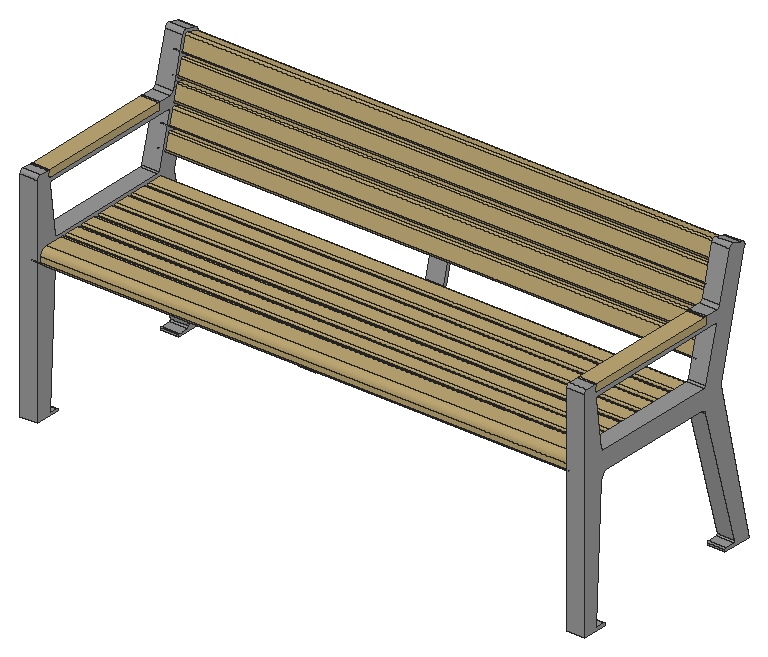
Revit family "L-FUR_벤치_DWB-200_데오스웍스", category 일반 모델, Revit 2021
Family settings
  보강 철근 호스트 가능 = 아니오
  원형 커넥터 치수 = 지름 사용
  부품 유형 = 보통
  작업 기준면 기반 = 아니오
  항상 수직 = 예
  로드될 때 보이드를 사용하여 절단 = 아니오
  공유 = 아니오
  룸 계산 점 = 아니오
Parameters
  한국산업규격KS = ""
  조달청표준공사코드-세부공종 = "24084151"
  기본 입면도 = 0 mm
  건설정보분류체계-부위분류 = "E943"
  LIM_INFO_주의사항 = "재배포, 재가공, 판매 금지"
  LIM_INFO_제품업체 = "예건"
  LIM_INFO_제품번호 = "YF-16"
  LIM_INFO_제품명 = "펜스_YF-16"
  LIM_INFO_제작일 = "20230315"
  LIM_INFO_재료 = "Hardwood, STL-pipe, STL-plate"
  LIM_INFO_업체정보 = ""
  LIM_INFO_업체URL = "https://yekun.com/"
  LIM_INFO_업체TEL = "(+82)31-943-6114"
  LIM_INFO_업체EMAIL = "yekun@yekun.com"
  LIM_INFO_버전 = "2023_V01"
  LIM_INFO_기타정보 = ""
  LIM_INFO_규격 = "W2000 x H1800"
  LIM_INFO_가격 = 0
  LIM_INFO_PV_포장재여부 = yes
  LIM_INFO_PV_면적 = 0.00 m²
  KBIMS_식별-버전 = ""
  KBIMS_식별-bSK등록번호 = ""
  KBIMS_보급정보-저작자 = "림인포테크_MMJ"
  KBIMS_보급정보-보급코드 = ""
Reference planes
  plane 1 "중심(앞/뒤)": y = 0
  plane 2: z = 0
  plane 3 "중심(왼쪽/오른쪽)": x = 0
Dimensions and locks
  aligned and locked: level to plane 2
Nested families
  nested 1: "DWB-200_base" at (0, 0, 0), type "DWB-200_base"
Definition of nested family "DWB-200_base"
  Parameters (values of type "DWB-200_base")
    Default Elevation = 0 mm
  Reference planes
    plane 1 "중심(앞/뒤)": y = 0
    plane 2: z = 0
    plane 3 "중심(왼쪽/오른쪽)": x = 0
  Forms (mm)
    Sweep 1, solid, not visible, detail levels fine
      path origin (0, 0, 0) x (1, 0, 0) y (0, 1, 0)
        loop
          circle (-1867.879, -167.062) r 568.25
      profile origin (-1867.879, 401.188, 0) x (0, -1, 0) y (0, 0, 1)
        loop
          circle (0, 0) r 28.75
        loop
          circle (0, 0) r 30.25
    Sweep 2, solid, not visible, detail levels coarse+medium
      path origin (0, 0, 0) x (1, 0, 0) y (0, 1, 0)
        loop
          circle (-1867.879, -167.062) r 568.25
      profile origin (-1867.879, 401.188, 0) x (0, -1, 0) y (0, 0, 1)
        loop
          line (26.465, -11.234) -> (26.657, 10.77) -> (11.234, 26.465) -> (-10.77, 26.657) -> (-26.465, 11.234) -> (-26.657, -10.77) -> (-11.234, -26.465) -> (10.77, -26.657) -> (26.465, -11.234)
        loop
          line (28.047, 11.332) -> (11.82, 27.845) -> (-11.332, 28.047) -> (-27.845, 11.82) -> (-28.047, -11.332) -> (-11.82, -27.845) -> (11.332, -28.047) -> (27.845, -11.82) -> (28.047, 11.332)
    Sweep 3, solid, not visible, detail levels fine
      path origin (0, 0, -1310.25) x (1, 0, 0) y (0, 1, 0)
        loop
          circle (-1867.879, -167.062) r 568.25
      profile origin (-1867.879, 401.188, -1310.25) x (0, -1, 0) y (0, 0, 1)
        loop
          circle (0, 1310.25) r 28.75
        loop
          circle (0, 1310.25) r 30.25
    Sweep 4, solid, not visible, detail levels coarse+medium
      path origin (0, 0, -1310.25) x (1, 0, 0) y (0, 1, 0)
        loop
          circle (-1867.879, -167.062) r 568.25
      profile origin (-1867.879, 401.188, -1310.25) x (0, -1, 0) y (0, 0, 1)
        loop
          line (26.465, 1299.016) -> (26.657, 1321.02) -> (11.234, 1336.715) -> (-10.77, 1336.907) -> (-26.465, 1321.484) -> (-26.657, 1299.48) -> (-11.234, 1283.785) -> (10.77, 1283.593) -> (26.465, 1299.016)
        loop
          line (28.047, 1321.582) -> (11.82, 1338.095) -> (-11.332, 1338.297) -> (-27.845, 1322.07) -> (-28.047, 1298.918) -> (-11.82, 1282.405) -> (11.332, 1282.203) -> (27.845, 1298.43) -> (28.047, 1321.582)
    Extrusion 5, solid, not visible
      sketch origin (0, 0, 0) x (1, 0, 0) y (0, 1, 0)
        loop
          line (-1678.243, -2480.024) -> (-1613.986, -2453.408)
          arc (-1613.986, -2453.408) -> (-1612.495, -2452.007) -> (-1612.304, -2449.969) r 2.893
          line (-1612.304, -2449.969) -> (-1622.315, -2413.562) -> (-1700.528, -2445.959) -> (-1681.864, -2478.781)
          arc (-1681.864, -2478.781) -> (-1680.288, -2480.087) -> (-1678.243, -2480.024) r 2.893
        loop
          line (-1517.968, -2394.568) -> (-1465.081, -2349.398)
          arc (-1465.081, -2349.398) -> (-1464.096, -2347.605) -> (-1464.544, -2345.608) r 2.893
          line (-1464.544, -2345.608) -> (-1485.315, -2314.077) -> (-1549.689, -2369.057) -> (-1521.796, -2394.505)
          arc (-1521.796, -2394.505) -> (-1519.893, -2395.26) -> (-1517.968, -2394.568) r 2.893
        loop
          line (-1391.945, -2263.766) -> (-1355.605, -2204.465)
          arc (-1355.605, -2204.465) -> (-1355.222, -2202.454) -> (-1356.265, -2200.694) r 2.893
          line (-1356.265, -2200.694) -> (-1385.763, -2177.125) -> (-1429.997, -2249.307) -> (-1395.605, -2264.89)
          arc (-1395.605, -2264.89) -> (-1393.562, -2265.02) -> (-1391.945, -2263.766) r 2.893
        loop
          line (-1312.509, -2100.424) -> (-1296.273, -2032.795)
          arc (-1296.273, -2032.795) -> (-1296.53, -2030.765) -> (-1298.067, -2029.413) r 2.893
          line (-1298.067, -2029.413) -> (-1333.404, -2016.112) -> (-1353.167, -2098.431) -> (-1315.643, -2102.623)
          arc (-1315.643, -2102.623) -> (-1313.66, -2102.116) -> (-1312.509, -2100.424) r 2.893
        loop
          line (-1287.437, -1920.529) -> (-1292.894, -1851.193)
          arc (-1292.894, -1851.193) -> (-1293.766, -1849.341) -> (-1295.645, -1848.53) r 2.893
          line (-1295.645, -1848.53) -> (-1333.364, -1846.801) -> (-1326.722, -1931.197) -> (-1289.738, -1923.589)
          arc (-1289.738, -1923.589) -> (-1288.009, -1922.494) -> (-1287.437, -1920.529) r 2.893
        loop
          line (-1319.183, -1741.691) -> (-1345.799, -1677.435)
          arc (-1345.799, -1677.435) -> (-1347.201, -1675.943) -> (-1349.238, -1675.753) r 2.893
          line (-1349.238, -1675.753) -> (-1385.645, -1685.763) -> (-1353.248, -1763.977) -> (-1320.426, -1745.312)
          arc (-1320.426, -1745.312) -> (-1319.12, -1743.736) -> (-1319.183, -1741.691) r 2.893
        loop
          line (-1404.64, -1581.416) -> (-1449.809, -1528.529)
          arc (-1449.809, -1528.529) -> (-1451.603, -1527.544) -> (-1453.6, -1527.992) r 2.893
          line (-1453.6, -1527.992) -> (-1485.131, -1548.764) -> (-1430.15, -1613.138) -> (-1404.702, -1585.244)
          arc (-1404.702, -1585.244) -> (-1403.947, -1583.342) -> (-1404.64, -1581.416) r 2.893
        loop
          line (-1535.441, -1455.393) -> (-1594.742, -1419.053)
          arc (-1594.742, -1419.053) -> (-1596.753, -1418.67) -> (-1598.513, -1419.714) r 2.893
          line (-1598.513, -1419.714) -> (-1622.083, -1449.212) -> (-1549.9, -1493.445) -> (-1534.317, -1459.053)
          arc (-1534.317, -1459.053) -> (-1534.187, -1457.01) -> (-1535.441, -1455.393) r 2.893
        loop
          line (-1698.784, -1375.958) -> (-1766.412, -1359.721)
          arc (-1766.412, -1359.721) -> (-1768.443, -1359.978) -> (-1769.795, -1361.515) r 2.893
          line (-1769.795, -1361.515) -> (-1783.095, -1396.853) -> (-1700.777, -1416.616) -> (-1696.584, -1379.091)
          arc (-1696.584, -1379.091) -> (-1697.091, -1377.108) -> (-1698.784, -1375.958) r 2.893
        loop
          line (-1878.679, -1350.886) -> (-1948.015, -1356.343)
          arc (-1948.015, -1356.343) -> (-1949.866, -1357.215) -> (-1950.677, -1359.094) r 2.893
          line (-1950.677, -1359.094) -> (-1952.406, -1396.812) -> (-1868.01, -1390.17) -> (-1875.618, -1353.187)
          arc (-1875.618, -1353.187) -> (-1876.713, -1351.457) -> (-1878.679, -1350.886) r 2.893
        loop
          line (-2057.516, -1382.632) -> (-2121.773, -1409.247)
          arc (-2121.773, -1409.247) -> (-2123.264, -1410.649) -> (-2123.455, -1412.687) r 2.893
          line (-2123.455, -1412.687) -> (-2113.444, -1449.093) -> (-2035.231, -1416.696) -> (-2053.895, -1383.874)
          arc (-2053.895, -1383.874) -> (-2055.471, -1382.568) -> (-2057.516, -1382.632) r 2.893
        loop
          line (-2217.791, -1468.088) -> (-2270.678, -1513.257)
          arc (-2270.678, -1513.257) -> (-2271.663, -1515.051) -> (-2271.215, -1517.048) r 2.893
          line (-2271.215, -1517.048) -> (-2250.444, -1548.579) -> (-2186.07, -1493.598) -> (-2213.963, -1468.15)
          arc (-2213.963, -1468.15) -> (-2215.865, -1467.395) -> (-2217.791, -1468.088) r 2.893
        loop
          line (-2343.814, -1598.889) -> (-2380.154, -1658.191)
          arc (-2380.154, -1658.191) -> (-2380.537, -1660.201) -> (-2379.494, -1661.962) r 2.893
          line (-2379.494, -1661.962) -> (-2349.996, -1685.531) -> (-2305.762, -1613.349) -> (-2340.154, -1597.766)
          arc (-2340.154, -1597.766) -> (-2342.197, -1597.635) -> (-2343.814, -1598.889) r 2.893
        loop
          line (-2437.692, -1833.243) -> (-2402.355, -1846.543) -> (-2382.592, -1764.225) -> (-2420.116, -1760.032)
          arc (-2420.116, -1760.032) -> (-2422.099, -1760.539) -> (-2423.25, -1762.232) r 2.893
          line (-2423.25, -1762.232) -> (-2439.486, -1829.861)
          arc (-2439.486, -1829.861) -> (-2439.229, -1831.891) -> (-2437.692, -1833.243) r 2.893
        loop
          line (-2440.113, -2014.125) -> (-2402.395, -2015.855) -> (-2409.037, -1931.458) -> (-2446.021, -1939.067)
          arc (-2446.021, -1939.067) -> (-2447.75, -1940.162) -> (-2448.322, -1942.127) r 2.893
          line (-2448.322, -1942.127) -> (-2442.865, -2011.463)
          arc (-2442.865, -2011.463) -> (-2441.993, -2013.314) -> (-2440.113, -2014.125) r 2.893
        loop
          line (-2386.521, -2186.903) -> (-2350.114, -2176.892) -> (-2382.511, -2098.679) -> (-2415.333, -2117.343)
          arc (-2415.333, -2117.343) -> (-2416.639, -2118.919) -> (-2416.576, -2120.965) r 2.893
          line (-2416.576, -2120.965) -> (-2389.96, -2185.221)
          arc (-2389.96, -2185.221) -> (-2388.558, -2186.712) -> (-2386.521, -2186.903) r 2.893
        loop
          line (-2282.159, -2334.663) -> (-2250.628, -2313.892) -> (-2305.609, -2249.518) -> (-2331.057, -2277.412)
          arc (-2331.057, -2277.412) -> (-2331.812, -2279.314) -> (-2331.119, -2281.24) r 2.893
          line (-2331.119, -2281.24) -> (-2285.95, -2334.126)
          arc (-2285.95, -2334.126) -> (-2284.156, -2335.112) -> (-2282.159, -2334.663) r 2.893
        loop
          line (-2137.246, -2442.942) -> (-2113.676, -2413.444) -> (-2185.859, -2369.21) -> (-2201.441, -2403.603)
          arc (-2201.441, -2403.603) -> (-2201.572, -2405.645) -> (-2200.318, -2407.263) r 2.893
          line (-2200.318, -2407.263) -> (-2141.017, -2443.603)
          arc (-2141.017, -2443.603) -> (-2139.006, -2443.986) -> (-2137.246, -2442.942) r 2.893
        loop
          line (-1965.964, -2501.141) -> (-1952.664, -2465.803) -> (-2034.982, -2446.04) -> (-2039.175, -2483.564)
          arc (-2039.175, -2483.564) -> (-2038.668, -2485.547) -> (-2036.975, -2486.698) r 2.893
          line (-2036.975, -2486.698) -> (-1969.347, -2502.934)
          arc (-1969.347, -2502.934) -> (-1967.316, -2502.677) -> (-1965.964, -2501.141) r 2.893
        loop
          line (-1785.082, -2503.562) -> (-1783.353, -2465.844) -> (-1867.749, -2472.486) -> (-1860.141, -2509.469)
          arc (-1860.141, -2509.469) -> (-1859.046, -2511.198) -> (-1857.08, -2511.77) r 2.893
          line (-1857.08, -2511.77) -> (-1787.744, -2506.313)
          arc (-1787.744, -2506.313) -> (-1785.893, -2505.441) -> (-1785.082, -2503.562) r 2.893
      from 0 to 680
    Extrusion 6, solid, not visible
      sketch origin (-326.184, 269.167, 0) x (0.987613, 0.156911, 0) y (-0.156911, 0.987613, 0)
        loop
          line (-1678.243, -2480.024) -> (-1613.986, -2453.408)
          arc (-1613.986, -2453.408) -> (-1612.495, -2452.007) -> (-1612.304, -2449.969) r 2.893
          line (-1612.304, -2449.969) -> (-1622.315, -2413.562) -> (-1700.528, -2445.959) -> (-1681.864, -2478.781)
          arc (-1681.864, -2478.781) -> (-1680.288, -2480.087) -> (-1678.243, -2480.024) r 2.893
        loop
          line (-1517.968, -2394.568) -> (-1465.081, -2349.398)
          arc (-1465.081, -2349.398) -> (-1464.096, -2347.605) -> (-1464.544, -2345.608) r 2.893
          line (-1464.544, -2345.608) -> (-1485.315, -2314.077) -> (-1549.689, -2369.057) -> (-1521.796, -2394.505)
          arc (-1521.796, -2394.505) -> (-1519.893, -2395.26) -> (-1517.968, -2394.568) r 2.893
        loop
          line (-1391.945, -2263.766) -> (-1355.605, -2204.465)
          arc (-1355.605, -2204.465) -> (-1355.222, -2202.454) -> (-1356.265, -2200.694) r 2.893
          line (-1356.265, -2200.694) -> (-1385.763, -2177.125) -> (-1429.997, -2249.307) -> (-1395.605, -2264.89)
          arc (-1395.605, -2264.89) -> (-1393.562, -2265.02) -> (-1391.945, -2263.766) r 2.893
        loop
          line (-1312.509, -2100.424) -> (-1296.273, -2032.795)
          arc (-1296.273, -2032.795) -> (-1296.53, -2030.765) -> (-1298.067, -2029.413) r 2.893
          line (-1298.067, -2029.413) -> (-1333.404, -2016.112) -> (-1353.167, -2098.431) -> (-1315.643, -2102.623)
          arc (-1315.643, -2102.623) -> (-1313.66, -2102.116) -> (-1312.509, -2100.424) r 2.893
        loop
          line (-1287.437, -1920.529) -> (-1292.894, -1851.193)
          arc (-1292.894, -1851.193) -> (-1293.766, -1849.341) -> (-1295.645, -1848.53) r 2.893
          line (-1295.645, -1848.53) -> (-1333.364, -1846.801) -> (-1326.722, -1931.197) -> (-1289.738, -1923.589)
          arc (-1289.738, -1923.589) -> (-1288.009, -1922.494) -> (-1287.437, -1920.529) r 2.893
        loop
          line (-1319.183, -1741.691) -> (-1345.799, -1677.435)
          arc (-1345.799, -1677.435) -> (-1347.201, -1675.943) -> (-1349.238, -1675.753) r 2.893
          line (-1349.238, -1675.753) -> (-1385.645, -1685.763) -> (-1353.248, -1763.977) -> (-1320.426, -1745.312)
          arc (-1320.426, -1745.312) -> (-1319.12, -1743.736) -> (-1319.183, -1741.691) r 2.893
        loop
          line (-1404.64, -1581.416) -> (-1449.809, -1528.529)
          arc (-1449.809, -1528.529) -> (-1451.603, -1527.544) -> (-1453.6, -1527.992) r 2.893
          line (-1453.6, -1527.992) -> (-1485.131, -1548.764) -> (-1430.15, -1613.138) -> (-1404.702, -1585.244)
          arc (-1404.702, -1585.244) -> (-1403.947, -1583.342) -> (-1404.64, -1581.416) r 2.893
        loop
          line (-1535.441, -1455.393) -> (-1594.742, -1419.053)
          arc (-1594.742, -1419.053) -> (-1596.753, -1418.67) -> (-1598.513, -1419.714) r 2.893
          line (-1598.513, -1419.714) -> (-1622.083, -1449.212) -> (-1549.9, -1493.445) -> (-1534.317, -1459.053)
          arc (-1534.317, -1459.053) -> (-1534.187, -1457.01) -> (-1535.441, -1455.393) r 2.893
        loop
          line (-1698.784, -1375.958) -> (-1766.412, -1359.721)
          arc (-1766.412, -1359.721) -> (-1768.443, -1359.978) -> (-1769.795, -1361.515) r 2.893
          line (-1769.795, -1361.515) -> (-1783.095, -1396.853) -> (-1700.777, -1416.616) -> (-1696.584, -1379.091)
          arc (-1696.584, -1379.091) -> (-1697.091, -1377.108) -> (-1698.784, -1375.958) r 2.893
        loop
          line (-1878.679, -1350.886) -> (-1948.015, -1356.343)
          arc (-1948.015, -1356.343) -> (-1949.866, -1357.215) -> (-1950.677, -1359.094) r 2.893
          line (-1950.677, -1359.094) -> (-1952.406, -1396.812) -> (-1868.01, -1390.17) -> (-1875.618, -1353.187)
          arc (-1875.618, -1353.187) -> (-1876.713, -1351.457) -> (-1878.679, -1350.886) r 2.893
        loop
          line (-2057.516, -1382.632) -> (-2121.773, -1409.247)
          arc (-2121.773, -1409.247) -> (-2123.264, -1410.649) -> (-2123.455, -1412.687) r 2.893
          line (-2123.455, -1412.687) -> (-2113.444, -1449.093) -> (-2035.231, -1416.696) -> (-2053.895, -1383.874)
          arc (-2053.895, -1383.874) -> (-2055.471, -1382.568) -> (-2057.516, -1382.632) r 2.893
        loop
          line (-2217.791, -1468.088) -> (-2270.678, -1513.257)
          arc (-2270.678, -1513.257) -> (-2271.663, -1515.051) -> (-2271.215, -1517.048) r 2.893
          line (-2271.215, -1517.048) -> (-2250.444, -1548.579) -> (-2186.07, -1493.598) -> (-2213.963, -1468.15)
          arc (-2213.963, -1468.15) -> (-2215.865, -1467.395) -> (-2217.791, -1468.088) r 2.893
        loop
          line (-2343.814, -1598.889) -> (-2380.154, -1658.191)
          arc (-2380.154, -1658.191) -> (-2380.537, -1660.201) -> (-2379.494, -1661.962) r 2.893
          line (-2379.494, -1661.962) -> (-2349.996, -1685.531) -> (-2305.762, -1613.349) -> (-2340.154, -1597.766)
          arc (-2340.154, -1597.766) -> (-2342.197, -1597.635) -> (-2343.814, -1598.889) r 2.893
        loop
          line (-2437.692, -1833.243) -> (-2402.355, -1846.543) -> (-2382.592, -1764.225) -> (-2420.116, -1760.032)
          arc (-2420.116, -1760.032) -> (-2422.099, -1760.539) -> (-2423.25, -1762.232) r 2.893
          line (-2423.25, -1762.232) -> (-2439.486, -1829.861)
          arc (-2439.486, -1829.861) -> (-2439.229, -1831.891) -> (-2437.692, -1833.243) r 2.893
        loop
          line (-2440.113, -2014.125) -> (-2402.395, -2015.855) -> (-2409.037, -1931.458) -> (-2446.021, -1939.067)
          arc (-2446.021, -1939.067) -> (-2447.75, -1940.162) -> (-2448.322, -1942.127) r 2.893
          line (-2448.322, -1942.127) -> (-2442.865, -2011.463)
          arc (-2442.865, -2011.463) -> (-2441.993, -2013.314) -> (-2440.113, -2014.125) r 2.893
        loop
          line (-2386.521, -2186.903) -> (-2350.114, -2176.892) -> (-2382.511, -2098.679) -> (-2415.333, -2117.343)
          arc (-2415.333, -2117.343) -> (-2416.639, -2118.919) -> (-2416.576, -2120.965) r 2.893
          line (-2416.576, -2120.965) -> (-2389.96, -2185.221)
          arc (-2389.96, -2185.221) -> (-2388.558, -2186.712) -> (-2386.521, -2186.903) r 2.893
        loop
          line (-2282.159, -2334.663) -> (-2250.628, -2313.892) -> (-2305.609, -2249.518) -> (-2331.057, -2277.412)
          arc (-2331.057, -2277.412) -> (-2331.812, -2279.314) -> (-2331.119, -2281.24) r 2.893
          line (-2331.119, -2281.24) -> (-2285.95, -2334.126)
          arc (-2285.95, -2334.126) -> (-2284.156, -2335.112) -> (-2282.159, -2334.663) r 2.893
        loop
          line (-2137.246, -2442.942) -> (-2113.676, -2413.444) -> (-2185.859, -2369.21) -> (-2201.441, -2403.603)
          arc (-2201.441, -2403.603) -> (-2201.572, -2405.645) -> (-2200.318, -2407.263) r 2.893
          line (-2200.318, -2407.263) -> (-2141.017, -2443.603)
          arc (-2141.017, -2443.603) -> (-2139.006, -2443.986) -> (-2137.246, -2442.942) r 2.893
        loop
          line (-1965.964, -2501.141) -> (-1952.664, -2465.803) -> (-2034.982, -2446.04) -> (-2039.175, -2483.564)
          arc (-2039.175, -2483.564) -> (-2038.668, -2485.547) -> (-2036.975, -2486.698) r 2.893
          line (-2036.975, -2486.698) -> (-1969.347, -2502.934)
          arc (-1969.347, -2502.934) -> (-1967.316, -2502.677) -> (-1965.964, -2501.141) r 2.893
        loop
          line (-1785.082, -2503.562) -> (-1783.353, -2465.844) -> (-1867.749, -2472.486) -> (-1860.141, -2509.469)
          arc (-1860.141, -2509.469) -> (-1859.046, -2511.198) -> (-1857.08, -2511.77) r 2.893
          line (-1857.08, -2511.77) -> (-1787.744, -2506.313)
          arc (-1787.744, -2506.313) -> (-1785.893, -2505.441) -> (-1785.082, -2503.562) r 2.893
      from 0 to 680
    Extrusion 7, solid, not visible
      sketch origin (0, 0, 0) x (1, 0, 0) y (0, 1, 0)
        loop
          circle (-1867.879, -1931.328) r 537.5
        loop
          circle (-1867.879, -1931.328) r 539.5
      from 0 to 794.31
    Sweep 8, solid, not visible, detail levels fine
      path origin (0, -1764.266, -542.405) x (1, 0, 0) y (0, 1, 0)
        loop
          circle (-1867.879, -167.062) r 568.25
      profile origin (-1867.879, -1363.078, -542.405) x (0, -1, 0) y (0, 0, 1)
        loop
          circle (0, 1310.25) r 28.75
        loop
          circle (0, 1310.25) r 30.25
    Sweep 9, solid, not visible, detail levels coarse+medium
      path origin (0, -1764.266, -542.405) x (1, 0, 0) y (0, 1, 0)
        loop
          circle (-1867.879, -167.062) r 568.25
      profile origin (-1867.879, -1363.078, -542.405) x (0, -1, 0) y (0, 0, 1)
        loop
          line (26.465, 1299.016) -> (26.657, 1321.02) -> (11.234, 1336.715) -> (-10.77, 1336.907) -> (-26.465, 1321.484) -> (-26.657, 1299.48) -> (-11.234, 1283.785) -> (10.77, 1283.593) -> (26.465, 1299.016)
        loop
          line (28.047, 1321.582) -> (11.82, 1338.095) -> (-11.332, 1338.297) -> (-27.845, 1322.07) -> (-28.047, 1298.918) -> (-11.82, 1282.405) -> (11.332, 1282.203) -> (27.845, 1298.43) -> (28.047, 1321.582)
    Sweep 10, solid, not visible, detail levels fine
      path origin (0, -1764.266, -1278.297) x (1, 0, 0) y (0, 1, 0)
        loop
          circle (-1867.879, -167.062) r 568.25
      profile origin (-1867.879, -1363.078, -1278.297) x (0, -1, 0) y (0, 0, 1)
        loop
          circle (0, 1310.25) r 28.75
        loop
          circle (0, 1310.25) r 30.25
    Sweep 11, solid, not visible, detail levels coarse+medium
      path origin (0, -1764.266, -1278.297) x (1, 0, 0) y (0, 1, 0)
        loop
          circle (-1867.879, -167.062) r 568.25
      profile origin (-1867.879, -1363.078, -1278.297) x (0, -1, 0) y (0, 0, 1)
        loop
          line (26.465, 1299.016) -> (26.657, 1321.02) -> (11.234, 1336.715) -> (-10.77, 1336.907) -> (-26.465, 1321.484) -> (-26.657, 1299.48) -> (-11.234, 1283.785) -> (10.77, 1283.593) -> (26.465, 1299.016)
        loop
          line (28.047, 1321.582) -> (11.82, 1338.095) -> (-11.332, 1338.297) -> (-27.845, 1322.07) -> (-28.047, 1298.918) -> (-11.82, 1282.405) -> (11.332, 1282.203) -> (27.845, 1298.43) -> (28.047, 1321.582)
    Extrusion 12, solid, not visible
      sketch origin (0, 0, 60) x (1, 0, 0) y (0, 1, 0)
        loop
          line (-1678.243, -2480.024) -> (-1613.986, -2453.408)
          arc (-1613.986, -2453.408) -> (-1612.495, -2452.007) -> (-1612.304, -2449.969) r 2.893
          line (-1612.304, -2449.969) -> (-1622.315, -2413.562) -> (-1700.528, -2445.959) -> (-1681.864, -2478.781)
          arc (-1681.864, -2478.781) -> (-1680.288, -2480.087) -> (-1678.243, -2480.024) r 2.893
        loop
          line (-1517.968, -2394.568) -> (-1465.081, -2349.398)
          arc (-1465.081, -2349.398) -> (-1464.096, -2347.605) -> (-1464.544, -2345.608) r 2.893
          line (-1464.544, -2345.608) -> (-1485.315, -2314.077) -> (-1549.689, -2369.057) -> (-1521.796, -2394.505)
          arc (-1521.796, -2394.505) -> (-1519.893, -2395.26) -> (-1517.968, -2394.568) r 2.893
        loop
          line (-1391.945, -2263.766) -> (-1355.605, -2204.465)
          arc (-1355.605, -2204.465) -> (-1355.222, -2202.454) -> (-1356.265, -2200.694) r 2.893
          line (-1356.265, -2200.694) -> (-1385.763, -2177.125) -> (-1429.997, -2249.307) -> (-1395.605, -2264.89)
          arc (-1395.605, -2264.89) -> (-1393.562, -2265.02) -> (-1391.945, -2263.766) r 2.893
        loop
          line (-1312.509, -2100.424) -> (-1296.273, -2032.795)
          arc (-1296.273, -2032.795) -> (-1296.53, -2030.765) -> (-1298.067, -2029.413) r 2.893
          line (-1298.067, -2029.413) -> (-1333.404, -2016.112) -> (-1353.167, -2098.431) -> (-1315.643, -2102.623)
          arc (-1315.643, -2102.623) -> (-1313.66, -2102.116) -> (-1312.509, -2100.424) r 2.893
        loop
          line (-1287.437, -1920.529) -> (-1292.894, -1851.193)
          arc (-1292.894, -1851.193) -> (-1293.766, -1849.341) -> (-1295.645, -1848.53) r 2.893
          line (-1295.645, -1848.53) -> (-1333.364, -1846.801) -> (-1326.722, -1931.197) -> (-1289.738, -1923.589)
          arc (-1289.738, -1923.589) -> (-1288.009, -1922.494) -> (-1287.437, -1920.529) r 2.893
        loop
          line (-1319.183, -1741.691) -> (-1345.799, -1677.435)
          arc (-1345.799, -1677.435) -> (-1347.201, -1675.943) -> (-1349.238, -1675.753) r 2.893
          line (-1349.238, -1675.753) -> (-1385.645, -1685.763) -> (-1353.248, -1763.977) -> (-1320.426, -1745.312)
          arc (-1320.426, -1745.312) -> (-1319.12, -1743.736) -> (-1319.183, -1741.691) r 2.893
        loop
          line (-1404.64, -1581.416) -> (-1449.809, -1528.529)
          arc (-1449.809, -1528.529) -> (-1451.603, -1527.544) -> (-1453.6, -1527.992) r 2.893
          line (-1453.6, -1527.992) -> (-1485.131, -1548.764) -> (-1430.15, -1613.138) -> (-1404.702, -1585.244)
          arc (-1404.702, -1585.244) -> (-1403.947, -1583.342) -> (-1404.64, -1581.416) r 2.893
        loop
          line (-1535.441, -1455.393) -> (-1594.742, -1419.053)
          arc (-1594.742, -1419.053) -> (-1596.753, -1418.67) -> (-1598.513, -1419.714) r 2.893
          line (-1598.513, -1419.714) -> (-1622.083, -1449.212) -> (-1549.9, -1493.445) -> (-1534.317, -1459.053)
          arc (-1534.317, -1459.053) -> (-1534.187, -1457.01) -> (-1535.441, -1455.393) r 2.893
        loop
          line (-1698.784, -1375.958) -> (-1766.412, -1359.721)
          arc (-1766.412, -1359.721) -> (-1768.443, -1359.978) -> (-1769.795, -1361.515) r 2.893
          line (-1769.795, -1361.515) -> (-1783.095, -1396.853) -> (-1700.777, -1416.616) -> (-1696.584, -1379.091)
          arc (-1696.584, -1379.091) -> (-1697.091, -1377.108) -> (-1698.784, -1375.958) r 2.893
        loop
          line (-1878.679, -1350.886) -> (-1948.015, -1356.343)
          arc (-1948.015, -1356.343) -> (-1949.866, -1357.215) -> (-1950.677, -1359.094) r 2.893
          line (-1950.677, -1359.094) -> (-1952.406, -1396.812) -> (-1868.01, -1390.17) -> (-1875.618, -1353.187)
          arc (-1875.618, -1353.187) -> (-1876.713, -1351.457) -> (-1878.679, -1350.886) r 2.893
        loop
          line (-2057.516, -1382.632) -> (-2121.773, -1409.247)
          arc (-2121.773, -1409.247) -> (-2123.264, -1410.649) -> (-2123.455, -1412.687) r 2.893
          line (-2123.455, -1412.687) -> (-2113.444, -1449.093) -> (-2035.231, -1416.696) -> (-2053.895, -1383.874)
          arc (-2053.895, -1383.874) -> (-2055.471, -1382.568) -> (-2057.516, -1382.632) r 2.893
        loop
          line (-2217.791, -1468.088) -> (-2270.678, -1513.257)
          arc (-2270.678, -1513.257) -> (-2271.663, -1515.051) -> (-2271.215, -1517.048) r 2.893
          line (-2271.215, -1517.048) -> (-2250.444, -1548.579) -> (-2186.07, -1493.598) -> (-2213.963, -1468.15)
          arc (-2213.963, -1468.15) -> (-2215.865, -1467.395) -> (-2217.791, -1468.088) r 2.893
        loop
          line (-2343.814, -1598.889) -> (-2380.154, -1658.191)
          arc (-2380.154, -1658.191) -> (-2380.537, -1660.201) -> (-2379.494, -1661.962) r 2.893
          line (-2379.494, -1661.962) -> (-2349.996, -1685.531) -> (-2305.762, -1613.349) -> (-2340.154, -1597.766)
          arc (-2340.154, -1597.766) -> (-2342.197, -1597.635) -> (-2343.814, -1598.889) r 2.893
        loop
          line (-2437.692, -1833.243) -> (-2402.355, -1846.543) -> (-2382.592, -1764.225) -> (-2420.116, -1760.032)
          arc (-2420.116, -1760.032) -> (-2422.099, -1760.539) -> (-2423.25, -1762.232) r 2.893
          line (-2423.25, -1762.232) -> (-2439.486, -1829.861)
          arc (-2439.486, -1829.861) -> (-2439.229, -1831.891) -> (-2437.692, -1833.243) r 2.893
        loop
          line (-2440.113, -2014.125) -> (-2402.395, -2015.855) -> (-2409.037, -1931.458) -> (-2446.021, -1939.067)
          arc (-2446.021, -1939.067) -> (-2447.75, -1940.162) -> (-2448.322, -1942.127) r 2.893
          line (-2448.322, -1942.127) -> (-2442.865, -2011.463)
          arc (-2442.865, -2011.463) -> (-2441.993, -2013.314) -> (-2440.113, -2014.125) r 2.893
        loop
          line (-2386.521, -2186.903) -> (-2350.114, -2176.892) -> (-2382.511, -2098.679) -> (-2415.333, -2117.343)
          arc (-2415.333, -2117.343) -> (-2416.639, -2118.919) -> (-2416.576, -2120.965) r 2.893
          line (-2416.576, -2120.965) -> (-2389.96, -2185.221)
          arc (-2389.96, -2185.221) -> (-2388.558, -2186.712) -> (-2386.521, -2186.903) r 2.893
        loop
          line (-2282.159, -2334.663) -> (-2250.628, -2313.892) -> (-2305.609, -2249.518) -> (-2331.057, -2277.412)
          arc (-2331.057, -2277.412) -> (-2331.812, -2279.314) -> (-2331.119, -2281.24) r 2.893
          line (-2331.119, -2281.24) -> (-2285.95, -2334.126)
          arc (-2285.95, -2334.126) -> (-2284.156, -2335.112) -> (-2282.159, -2334.663) r 2.893
        loop
          line (-2137.246, -2442.942) -> (-2113.676, -2413.444) -> (-2185.859, -2369.21) -> (-2201.441, -2403.603)
          arc (-2201.441, -2403.603) -> (-2201.572, -2405.645) -> (-2200.318, -2407.263) r 2.893
          line (-2200.318, -2407.263) -> (-2141.017, -2443.603)
          arc (-2141.017, -2443.603) -> (-2139.006, -2443.986) -> (-2137.246, -2442.942) r 2.893
        loop
          line (-1965.964, -2501.141) -> (-1952.664, -2465.803) -> (-2034.982, -2446.04) -> (-2039.175, -2483.564)
          arc (-2039.175, -2483.564) -> (-2038.668, -2485.547) -> (-2036.975, -2486.698) r 2.893
          line (-2036.975, -2486.698) -> (-1969.347, -2502.934)
          arc (-1969.347, -2502.934) -> (-1967.316, -2502.677) -> (-1965.964, -2501.141) r 2.893
        loop
          line (-1785.082, -2503.562) -> (-1783.353, -2465.844) -> (-1867.749, -2472.486) -> (-1860.141, -2509.469)
          arc (-1860.141, -2509.469) -> (-1859.046, -2511.198) -> (-1857.08, -2511.77) r 2.893
          line (-1857.08, -2511.77) -> (-1787.744, -2506.313)
          arc (-1787.744, -2506.313) -> (-1785.893, -2505.441) -> (-1785.082, -2503.562) r 2.893
      from 0 to 680
    Extrusion 13, solid, not visible
      sketch origin (-326.184, 269.167, 60) x (0.987613, 0.156911, 0) y (-0.156911, 0.987613, 0)
        loop
          line (-1678.243, -2480.024) -> (-1613.986, -2453.408)
          arc (-1613.986, -2453.408) -> (-1612.495, -2452.007) -> (-1612.304, -2449.969) r 2.893
          line (-1612.304, -2449.969) -> (-1622.315, -2413.562) -> (-1700.528, -2445.959) -> (-1681.864, -2478.781)
          arc (-1681.864, -2478.781) -> (-1680.288, -2480.087) -> (-1678.243, -2480.024) r 2.893
        loop
          line (-1517.968, -2394.568) -> (-1465.081, -2349.398)
          arc (-1465.081, -2349.398) -> (-1464.096, -2347.605) -> (-1464.544, -2345.608) r 2.893
          line (-1464.544, -2345.608) -> (-1485.315, -2314.077) -> (-1549.689, -2369.057) -> (-1521.796, -2394.505)
          arc (-1521.796, -2394.505) -> (-1519.893, -2395.26) -> (-1517.968, -2394.568) r 2.893
        loop
          line (-1391.945, -2263.766) -> (-1355.605, -2204.465)
          arc (-1355.605, -2204.465) -> (-1355.222, -2202.454) -> (-1356.265, -2200.694) r 2.893
          line (-1356.265, -2200.694) -> (-1385.763, -2177.125) -> (-1429.997, -2249.307) -> (-1395.605, -2264.89)
          arc (-1395.605, -2264.89) -> (-1393.562, -2265.02) -> (-1391.945, -2263.766) r 2.893
        loop
          line (-1312.509, -2100.424) -> (-1296.273, -2032.795)
          arc (-1296.273, -2032.795) -> (-1296.53, -2030.765) -> (-1298.067, -2029.413) r 2.893
          line (-1298.067, -2029.413) -> (-1333.404, -2016.112) -> (-1353.167, -2098.431) -> (-1315.643, -2102.623)
          arc (-1315.643, -2102.623) -> (-1313.66, -2102.116) -> (-1312.509, -2100.424) r 2.893
        loop
          line (-1287.437, -1920.529) -> (-1292.894, -1851.193)
          arc (-1292.894, -1851.193) -> (-1293.766, -1849.341) -> (-1295.645, -1848.53) r 2.893
          line (-1295.645, -1848.53) -> (-1333.364, -1846.801) -> (-1326.722, -1931.197) -> (-1289.738, -1923.589)
          arc (-1289.738, -1923.589) -> (-1288.009, -1922.494) -> (-1287.437, -1920.529) r 2.893
        loop
          line (-1319.183, -1741.691) -> (-1345.799, -1677.435)
          arc (-1345.799, -1677.435) -> (-1347.201, -1675.943) -> (-1349.238, -1675.753) r 2.893
          line (-1349.238, -1675.753) -> (-1385.645, -1685.763) -> (-1353.248, -1763.977) -> (-1320.426, -1745.312)
          arc (-1320.426, -1745.312) -> (-1319.12, -1743.736) -> (-1319.183, -1741.691) r 2.893
        loop
          line (-1404.64, -1581.416) -> (-1449.809, -1528.529)
          arc (-1449.809, -1528.529) -> (-1451.603, -1527.544) -> (-1453.6, -1527.992) r 2.893
          line (-1453.6, -1527.992) -> (-1485.131, -1548.764) -> (-1430.15, -1613.138) -> (-1404.702, -1585.244)
          arc (-1404.702, -1585.244) -> (-1403.947, -1583.342) -> (-1404.64, -1581.416) r 2.893
        loop
          line (-1535.441, -1455.393) -> (-1594.742, -1419.053)
          arc (-1594.742, -1419.053) -> (-1596.753, -1418.67) -> (-1598.513, -1419.714) r 2.893
          line (-1598.513, -1419.714) -> (-1622.083, -1449.212) -> (-1549.9, -1493.445) -> (-1534.317, -1459.053)
          arc (-1534.317, -1459.053) -> (-1534.187, -1457.01) -> (-1535.441, -1455.393) r 2.893
        loop
          line (-1698.784, -1375.958) -> (-1766.412, -1359.721)
          arc (-1766.412, -1359.721) -> (-1768.443, -1359.978) -> (-1769.795, -1361.515) r 2.893
          line (-1769.795, -1361.515) -> (-1783.095, -1396.853) -> (-1700.777, -1416.616) -> (-1696.584, -1379.091)
          arc (-1696.584, -1379.091) -> (-1697.091, -1377.108) -> (-1698.784, -1375.958) r 2.893
        loop
          line (-1878.679, -1350.886) -> (-1948.015, -1356.343)
          arc (-1948.015, -1356.343) -> (-1949.866, -1357.215) -> (-1950.677, -1359.094) r 2.893
          line (-1950.677, -1359.094) -> (-1952.406, -1396.812) -> (-1868.01, -1390.17) -> (-1875.618, -1353.187)
          arc (-1875.618, -1353.187) -> (-1876.713, -1351.457) -> (-1878.679, -1350.886) r 2.893
        loop
          line (-2057.516, -1382.632) -> (-2121.773, -1409.247)
          arc (-2121.773, -1409.247) -> (-2123.264, -1410.649) -> (-2123.455, -1412.687) r 2.893
          line (-2123.455, -1412.687) -> (-2113.444, -1449.093) -> (-2035.231, -1416.696) -> (-2053.895, -1383.874)
          arc (-2053.895, -1383.874) -> (-2055.471, -1382.568) -> (-2057.516, -1382.632) r 2.893
        loop
          line (-2217.791, -1468.088) -> (-2270.678, -1513.257)
          arc (-2270.678, -1513.257) -> (-2271.663, -1515.051) -> (-2271.215, -1517.048) r 2.893
          line (-2271.215, -1517.048) -> (-2250.444, -1548.579) -> (-2186.07, -1493.598) -> (-2213.963, -1468.15)
          arc (-2213.963, -1468.15) -> (-2215.865, -1467.395) -> (-2217.791, -1468.088) r 2.893
        loop
          line (-2343.814, -1598.889) -> (-2380.154, -1658.191)
          arc (-2380.154, -1658.191) -> (-2380.537, -1660.201) -> (-2379.494, -1661.962) r 2.893
          line (-2379.494, -1661.962) -> (-2349.996, -1685.531) -> (-2305.762, -1613.349) -> (-2340.154, -1597.766)
          arc (-2340.154, -1597.766) -> (-2342.197, -1597.635) -> (-2343.814, -1598.889) r 2.893
        loop
          line (-2437.692, -1833.243) -> (-2402.355, -1846.543) -> (-2382.592, -1764.225) -> (-2420.116, -1760.032)
          arc (-2420.116, -1760.032) -> (-2422.099, -1760.539) -> (-2423.25, -1762.232) r 2.893
          line (-2423.25, -1762.232) -> (-2439.486, -1829.861)
          arc (-2439.486, -1829.861) -> (-2439.229, -1831.891) -> (-2437.692, -1833.243) r 2.893
        loop
          line (-2440.113, -2014.125) -> (-2402.395, -2015.855) -> (-2409.037, -1931.458) -> (-2446.021, -1939.067)
          arc (-2446.021, -1939.067) -> (-2447.75, -1940.162) -> (-2448.322, -1942.127) r 2.893
          line (-2448.322, -1942.127) -> (-2442.865, -2011.463)
          arc (-2442.865, -2011.463) -> (-2441.993, -2013.314) -> (-2440.113, -2014.125) r 2.893
        loop
          line (-2386.521, -2186.903) -> (-2350.114, -2176.892) -> (-2382.511, -2098.679) -> (-2415.333, -2117.343)
          arc (-2415.333, -2117.343) -> (-2416.639, -2118.919) -> (-2416.576, -2120.965) r 2.893
          line (-2416.576, -2120.965) -> (-2389.96, -2185.221)
          arc (-2389.96, -2185.221) -> (-2388.558, -2186.712) -> (-2386.521, -2186.903) r 2.893
        loop
          line (-2282.159, -2334.663) -> (-2250.628, -2313.892) -> (-2305.609, -2249.518) -> (-2331.057, -2277.412)
          arc (-2331.057, -2277.412) -> (-2331.812, -2279.314) -> (-2331.119, -2281.24) r 2.893
          line (-2331.119, -2281.24) -> (-2285.95, -2334.126)
          arc (-2285.95, -2334.126) -> (-2284.156, -2335.112) -> (-2282.159, -2334.663) r 2.893
        loop
          line (-2137.246, -2442.942) -> (-2113.676, -2413.444) -> (-2185.859, -2369.21) -> (-2201.441, -2403.603)
          arc (-2201.441, -2403.603) -> (-2201.572, -2405.645) -> (-2200.318, -2407.263) r 2.893
          line (-2200.318, -2407.263) -> (-2141.017, -2443.603)
          arc (-2141.017, -2443.603) -> (-2139.006, -2443.986) -> (-2137.246, -2442.942) r 2.893
        loop
          line (-1965.964, -2501.141) -> (-1952.664, -2465.803) -> (-2034.982, -2446.04) -> (-2039.175, -2483.564)
          arc (-2039.175, -2483.564) -> (-2038.668, -2485.547) -> (-2036.975, -2486.698) r 2.893
          line (-2036.975, -2486.698) -> (-1969.347, -2502.934)
          arc (-1969.347, -2502.934) -> (-1967.316, -2502.677) -> (-1965.964, -2501.141) r 2.893
        loop
          line (-1785.082, -2503.562) -> (-1783.353, -2465.844) -> (-1867.749, -2472.486) -> (-1860.141, -2509.469)
          arc (-1860.141, -2509.469) -> (-1859.046, -2511.198) -> (-1857.08, -2511.77) r 2.893
          line (-1857.08, -2511.77) -> (-1787.744, -2506.313)
          arc (-1787.744, -2506.313) -> (-1785.893, -2505.441) -> (-1785.082, -2503.562) r 2.893
      from 0 to 680
    Extrusion 14, solid, not visible
      sketch origin (0, -1764.266, 4.107) x (1, 0, 0) y (0, 1, 0)
        loop
          arc (-2404.542, -137.062) -> (-2405.379, -167.062) -> (-2404.542, -197.062) r 537.5
          line (-2404.542, -197.062) -> (-1331.217, -197.062)
          arc (-1331.217, -197.062) -> (-1330.379, -167.062) -> (-1331.217, -137.062) r 537.5
          line (-1331.217, -137.062) -> (-2404.542, -137.062)
      from 0 to 40
    Extrusion 15, solid, not visible
      sketch origin (-2034.942, -63.448, 4.107) x (0, 1, 0) y (-1, 0, 0)
        loop
          arc (-2404.542, -137.062) -> (-2405.379, -167.062) -> (-2404.542, -197.062) r 537.5
          line (-2404.542, -197.062) -> (-1331.217, -197.062)
          arc (-1331.217, -197.062) -> (-1330.379, -167.062) -> (-1331.217, -137.062) r 537.5
          line (-1331.217, -137.062) -> (-2404.542, -137.062)
      from 0 to 40
    Extrusion 16, solid, not visible
      sketch origin (0, -1764.266, 44.107) x (1, 0, 0) y (0, 1, 0)
        loop
          circle (-1867.879, -167.062) r 537.5
        loop
          circle (-2080.012, -379.194) r 10
        loop
          circle (-1655.747, -379.194) r 10
        loop
          circle (-1655.747, 45.07) r 10
        loop
          circle (-2080.012, 45.07) r 10
      from 0 to 1.2
    Extrusion 17, solid, not visible
      sketch origin (0, 142.026, 0) x (1, 0, 0) y (0, 0, 1)
        loop
          line (250.196, 700) -> (250.196, 50) -> (310.196, 50) -> (310.196, 700) -> (250.196, 700)
      from 0 to 20
    Revolve 18, solid, not visible, detail levels coarse+medium
      sketch origin (0, 0, 0) x (1, 0, 0) y (0, 0, 1)
        loop
          line (2550.799, 933.793) -> (2552.49, 933.793) -> (2552.49, 934.794) -> (2550.649, 934.794)
          arc (2550.649, 934.794) -> (2545.113, 933.3) -> (2541.082, 929.223) r 11
          line (2541.082, 929.223) -> (2530.908, 911.294) -> (2530.34, 910.294) -> (2531.49, 910.294) -> (2541.952, 928.73)
          arc (2541.952, 928.73) -> (2545.617, 932.436) -> (2550.649, 933.794) r 10
        axis (2567.64, 934.794) -> (2567.64, 910.294)
      angle from 0 to 360
    Revolve 19, solid, not visible, detail levels coarse+medium
      sketch origin (0, 0, 0) x (1, 0, 0) y (0, 0, 1)
        loop
          line (2552.79, 910.294) -> (2552.79, 933.794) -> (2550.949, 933.794)
          arc (2550.949, 933.794) -> (2545.917, 932.436) -> (2542.252, 928.73) r 10
          line (2542.252, 928.73) -> (2531.79, 910.294) -> (2533.63, 910.294) -> (2543.643, 927.94)
          arc (2543.643, 927.94) -> (2546.722, 931.053) -> (2550.949, 932.194) r 8.4
          line (2550.949, 932.194) -> (2550.949, 910.294) -> (2552.79, 910.294)
        axis (2567.64, 933.794) -> (2567.64, 910.294)
      angle from 0 to 360
    Sweep 20, solid, not visible, detail levels coarse+medium
      path origin (12.126, 0, 0) x (0, 1, 0) y (0, 0, 1)
        loop
          line (2755.111, 246.603) -> (2647.361, 246.603)
          arc (2647.361, 246.603) -> (2576.297, 276.039) -> (2546.861, 347.103) r 100.5
          line (2546.861, 347.103) -> (2546.861, 572.103)
          arc (2546.861, 572.103) -> (2576.297, 643.167) -> (2647.361, 672.603) r 100.5
          line (2647.361, 672.603) -> (2755.111, 672.603)
      profile origin (12.126, 2701.236, 246.603) x (0, 0, -1) y (1, 0, 0)
        loop
          line (2.459, -9.176) -> (8.227, -4.75) -> (9.176, 2.459) -> (4.75, 8.227) -> (-2.459, 9.176) -> (-8.227, 4.75) -> (-9.176, -2.459) -> (-4.75, -8.227) -> (2.459, -9.176)
    Sweep 21, solid, not visible, detail levels coarse+medium
      path origin (102.126, 0, 0) x (0, 1, 0) y (0, 0, 1)
        loop
          line (2755.111, 246.603) -> (2647.361, 246.603)
          arc (2647.361, 246.603) -> (2576.297, 276.039) -> (2546.861, 347.103) r 100.5
          line (2546.861, 347.103) -> (2546.861, 572.103)
          arc (2546.861, 572.103) -> (2576.297, 643.167) -> (2647.361, 672.603) r 100.5
          line (2647.361, 672.603) -> (2755.111, 672.603)
      profile origin (102.126, 2701.236, 246.603) x (0, 0, -1) y (1, 0, 0)
        loop
          line (2.459, -9.176) -> (8.227, -4.75) -> (9.176, 2.459) -> (4.75, 8.227) -> (-2.459, 9.176) -> (-8.227, 4.75) -> (-9.176, -2.459) -> (-4.75, -8.227) -> (2.459, -9.176)
    Extrusion 22, solid, detail levels fine
      sketch origin (1550, -2397.585, -397.047) x (0, 1, 0) y (0, 0, 1)
        loop
          line (2827.585, 1020.047) -> (2827.585, 1008.047)
          arc (2827.585, 1008.047) -> (2826.121, 1004.511) -> (2822.585, 1003.047) r 5
          line (2822.585, 1003.047) -> (2442.585, 1003.047)
          arc (2442.585, 1003.047) -> (2439.05, 1004.511) -> (2437.585, 1008.047) r 5
          line (2437.585, 1008.047) -> (2437.585, 1020.047)
          arc (2437.585, 1020.047) -> (2436.707, 1022.168) -> (2434.585, 1023.047) r 3
          line (2434.585, 1023.047) -> (2407.585, 1023.047)
          arc (2407.585, 1023.047) -> (2400.514, 1020.118) -> (2397.585, 1013.047) r 10
          line (2397.585, 1013.047) -> (2397.585, 397.047) -> (2467.993, 397.047) -> (2467.993, 402.047)
          arc (2467.993, 402.047) -> (2467.114, 404.168) -> (2464.993, 405.047) r 3
          line (2464.993, 405.047) -> (2437.993, 405.047) -> (2456.619, 771.063)
          arc (2456.619, 771.063) -> (2462.815, 784.544) -> (2476.593, 790.047) r 20
          line (2476.593, 790.047) -> (2809.134, 790.047)
          arc (2809.134, 790.047) -> (2820.418, 786.559) -> (2827.767, 777.313) r 20
          line (2827.767, 777.313) -> (2931.336, 409.137)
          arc (2931.336, 409.137) -> (2931.017, 406.354) -> (2928.541, 405.047) r 3
          line (2928.541, 405.047) -> (2899.05, 405.047)
          arc (2899.05, 405.047) -> (2896.929, 404.168) -> (2896.05, 402.047) r 3
          line (2896.05, 402.047) -> (2896.05, 397.047) -> (2977.585, 397.047) -> (2879.482, 825.839)
          arc (2879.482, 825.839) -> (2879.013, 828.641) -> (2879.351, 831.462) r 10
          line (2879.351, 831.462) -> (2963.154, 1144.221)
          arc (2963.154, 1144.221) -> (2961.956, 1153.327) -> (2954.669, 1158.918) r 12
          line (2954.669, 1158.918) -> (2925.691, 1166.683)
          arc (2925.691, 1166.683) -> (2917.344, 1165.584) -> (2912.219, 1158.905) r 11
          line (2912.219, 1158.905) -> (2877.802, 1030.459)
          arc (2877.802, 1030.459) -> (2874.231, 1025.113) -> (2868.143, 1023.047) r 10
          line (2868.143, 1023.047) -> (2830.585, 1023.047)
          arc (2830.585, 1023.047) -> (2828.464, 1022.168) -> (2827.585, 1020.047) r 3
        loop
          arc (2443.326, 992.047) -> (2439.589, 990.369) -> (2438.36, 986.463) r 5
          line (2438.36, 986.463) -> (2456.546, 851.878)
          arc (2456.546, 851.878) -> (2459.833, 845.574) -> (2466.478, 843.047) r 10
          line (2466.478, 843.047) -> (2823.749, 843.047)
          arc (2823.749, 843.047) -> (2826.793, 844.08) -> (2828.578, 846.753) r 5
          line (2828.578, 846.753) -> (2865.823, 985.753)
          arc (2865.823, 985.753) -> (2864.96, 990.091) -> (2860.994, 992.047) r 5
          line (2860.994, 992.047) -> (2443.326, 992.047)
      from 0 to 50
    Extrusion 23, solid, detail levels fine
      sketch origin (1075, -4589.461, -397.047) x (0, 1, 0) y (0, 0, 1)
        loop
          line (4676.461, 802.047) -> (4676.461, 832.047)
          arc (4676.461, 832.047) -> (4674.997, 835.582) -> (4671.461, 837.047) r 5
          line (4671.461, 837.047) -> (4616.461, 837.047)
          arc (4616.461, 837.047) -> (4602.319, 831.189) -> (4596.461, 817.047) r 20
          line (4596.461, 817.047) -> (4596.461, 802.047)
          arc (4596.461, 802.047) -> (4597.925, 798.511) -> (4601.461, 797.047) r 5
          line (4601.461, 797.047) -> (4671.461, 797.047)
          arc (4671.461, 797.047) -> (4674.997, 798.511) -> (4676.461, 802.047) r 5
        loop
          arc (4734.461, 832.047) -> (4732.997, 835.582) -> (4729.461, 837.047) r 5
          line (4729.461, 837.047) -> (4689.461, 837.047)
          arc (4689.461, 837.047) -> (4685.925, 835.582) -> (4684.461, 832.047) r 5
          line (4684.461, 832.047) -> (4684.461, 802.047)
          arc (4684.461, 802.047) -> (4685.925, 798.511) -> (4689.461, 797.047) r 5
          line (4689.461, 797.047) -> (4729.461, 797.047)
          arc (4729.461, 797.047) -> (4732.997, 798.511) -> (4734.461, 802.047) r 5
          line (4734.461, 802.047) -> (4734.461, 832.047)
        loop
          arc (4792.461, 832.047) -> (4790.997, 835.582) -> (4787.461, 837.047) r 5
          line (4787.461, 837.047) -> (4747.461, 837.047)
          arc (4747.461, 837.047) -> (4743.925, 835.582) -> (4742.461, 832.047) r 5
          line (4742.461, 832.047) -> (4742.461, 802.047)
          arc (4742.461, 802.047) -> (4743.925, 798.511) -> (4747.461, 797.047) r 5
          line (4747.461, 797.047) -> (4787.461, 797.047)
          arc (4787.461, 797.047) -> (4790.997, 798.511) -> (4792.461, 802.047) r 5
          line (4792.461, 802.047) -> (4792.461, 832.047)
        loop
          arc (4850.461, 832.047) -> (4848.997, 835.582) -> (4845.461, 837.047) r 5
          line (4845.461, 837.047) -> (4805.461, 837.047)
          arc (4805.461, 837.047) -> (4801.925, 835.582) -> (4800.461, 832.047) r 5
          line (4800.461, 832.047) -> (4800.461, 802.047)
          arc (4800.461, 802.047) -> (4801.925, 798.511) -> (4805.461, 797.047) r 5
          line (4805.461, 797.047) -> (4845.461, 797.047)
          arc (4845.461, 797.047) -> (4848.997, 798.511) -> (4850.461, 802.047) r 5
          line (4850.461, 802.047) -> (4850.461, 832.047)
        loop
          arc (4908.461, 832.047) -> (4906.997, 835.582) -> (4903.461, 837.047) r 5
          line (4903.461, 837.047) -> (4863.461, 837.047)
          arc (4863.461, 837.047) -> (4859.925, 835.582) -> (4858.461, 832.047) r 5
          line (4858.461, 832.047) -> (4858.461, 802.047)
          arc (4858.461, 802.047) -> (4859.925, 798.511) -> (4863.461, 797.047) r 5
          line (4863.461, 797.047) -> (4903.461, 797.047)
          arc (4903.461, 797.047) -> (4906.997, 798.511) -> (4908.461, 802.047) r 5
          line (4908.461, 802.047) -> (4908.461, 832.047)
        loop
          arc (4966.461, 832.047) -> (4964.997, 835.582) -> (4961.461, 837.047) r 5
          line (4961.461, 837.047) -> (4921.461, 837.047)
          arc (4921.461, 837.047) -> (4917.925, 835.582) -> (4916.461, 832.047) r 5
          line (4916.461, 832.047) -> (4916.461, 802.047)
          arc (4916.461, 802.047) -> (4917.925, 798.511) -> (4921.461, 797.047) r 5
          line (4921.461, 797.047) -> (4961.461, 797.047)
          arc (4961.461, 797.047) -> (4964.997, 798.511) -> (4966.461, 802.047) r 5
          line (4966.461, 802.047) -> (4966.461, 832.047)
        loop
          arc (4974.461, 802.047) -> (4975.925, 798.511) -> (4979.461, 797.047) r 5
          line (4979.461, 797.047) -> (5019.461, 797.047)
          arc (5019.461, 797.047) -> (5022.997, 798.511) -> (5024.461, 802.047) r 5
          line (5024.461, 802.047) -> (5024.461, 832.047)
          arc (5024.461, 832.047) -> (5022.997, 835.582) -> (5019.461, 837.047) r 5
          line (5019.461, 837.047) -> (4979.461, 837.047)
          arc (4979.461, 837.047) -> (4975.925, 835.582) -> (4974.461, 832.047) r 5
          line (4974.461, 832.047) -> (4974.461, 802.047)
        loop
          arc (5072.005, 880.732) -> (5075.799, 881.231) -> (5078.129, 884.267) r 5
          line (5078.129, 884.267) -> (5088.481, 922.904)
          arc (5088.481, 922.904) -> (5087.982, 926.698) -> (5084.946, 929.028) r 5
          line (5084.946, 929.028) -> (5055.968, 936.792)
          arc (5055.968, 936.792) -> (5052.174, 936.293) -> (5049.844, 933.257) r 5
          line (5049.844, 933.257) -> (5039.492, 894.62)
          arc (5039.492, 894.62) -> (5039.991, 890.826) -> (5043.027, 888.496) r 5
          line (5043.027, 888.496) -> (5072.005, 880.732)
        loop
          arc (5087.016, 936.755) -> (5090.81, 937.255) -> (5093.14, 940.291) r 5
          line (5093.14, 940.291) -> (5103.493, 978.928)
          arc (5103.493, 978.928) -> (5102.993, 982.722) -> (5099.957, 985.052) r 5
          line (5099.957, 985.052) -> (5070.98, 992.816)
          arc (5070.98, 992.816) -> (5067.185, 992.317) -> (5064.856, 989.281) r 5
          line (5064.856, 989.281) -> (5054.503, 950.644)
          arc (5054.503, 950.644) -> (5055.003, 946.849) -> (5058.039, 944.52) r 5
          line (5058.039, 944.52) -> (5087.016, 936.755)
        loop
          arc (5102.028, 992.779) -> (5105.822, 993.278) -> (5108.152, 996.314) r 5
          line (5108.152, 996.314) -> (5118.504, 1034.951)
          arc (5118.504, 1034.951) -> (5118.005, 1038.746) -> (5114.969, 1041.075) r 5
          line (5114.969, 1041.075) -> (5085.991, 1048.84)
          arc (5085.991, 1048.84) -> (5082.197, 1048.34) -> (5079.867, 1045.304) r 5
          line (5079.867, 1045.304) -> (5069.515, 1006.667)
          arc (5069.515, 1006.667) -> (5070.014, 1002.873) -> (5073.05, 1000.544) r 5
          line (5073.05, 1000.544) -> (5102.028, 992.779)
        loop
          arc (5117.039, 1048.803) -> (5120.834, 1049.302) -> (5123.163, 1052.338) r 5
          line (5123.163, 1052.338) -> (5133.516, 1090.975)
          arc (5133.516, 1090.975) -> (5133.016, 1094.769) -> (5129.98, 1097.099) r 5
          line (5129.98, 1097.099) -> (5101.003, 1104.863)
          arc (5101.003, 1104.863) -> (5097.208, 1104.364) -> (5094.879, 1101.328) r 5
          line (5094.879, 1101.328) -> (5084.526, 1062.691)
          arc (5084.526, 1062.691) -> (5085.026, 1058.897) -> (5088.062, 1056.567) r 5
          line (5088.062, 1056.567) -> (5117.039, 1048.803)
        loop
          arc (5132.051, 1104.826) -> (5135.845, 1105.326) -> (5138.175, 1108.362) r 5
          line (5138.175, 1108.362) -> (5148.527, 1146.999)
          arc (5148.527, 1146.999) -> (5148.028, 1150.793) -> (5144.992, 1153.123) r 5
          line (5144.992, 1153.123) -> (5116.014, 1160.887)
          arc (5116.014, 1160.887) -> (5112.22, 1160.388) -> (5109.89, 1157.352) r 5
          line (5109.89, 1157.352) -> (5099.538, 1118.715)
          arc (5099.538, 1118.715) -> (5100.037, 1114.921) -> (5103.073, 1112.591) r 5
          line (5103.073, 1112.591) -> (5132.051, 1104.826)
      from -1050 to 500
    Extrusion 24, solid, detail levels fine
      sketch origin (50, -2397.585, -397.047) x (0, 1, 0) y (0, 0, -1)
        loop
          arc (2827.585, -1020.047) -> (2828.464, -1022.168) -> (2830.585, -1023.047) r 3
          line (2830.585, -1023.047) -> (2868.143, -1023.047)
          arc (2868.143, -1023.047) -> (2874.231, -1025.113) -> (2877.802, -1030.459) r 10
          line (2877.802, -1030.459) -> (2912.219, -1158.905)
          arc (2912.219, -1158.905) -> (2917.344, -1165.584) -> (2925.691, -1166.683) r 11
          line (2925.691, -1166.683) -> (2954.669, -1158.918)
          arc (2954.669, -1158.918) -> (2961.956, -1153.327) -> (2963.154, -1144.221) r 12
          line (2963.154, -1144.221) -> (2879.351, -831.462)
          arc (2879.351, -831.462) -> (2879.013, -828.641) -> (2879.482, -825.839) r 10
          line (2879.482, -825.839) -> (2977.585, -397.047) -> (2896.05, -397.047) -> (2896.05, -402.047)
          arc (2896.05, -402.047) -> (2896.929, -404.168) -> (2899.05, -405.047) r 3
          line (2899.05, -405.047) -> (2928.541, -405.047)
          arc (2928.541, -405.047) -> (2931.017, -406.354) -> (2931.336, -409.137) r 3
          line (2931.336, -409.137) -> (2827.767, -777.313)
          arc (2827.767, -777.313) -> (2820.418, -786.559) -> (2809.134, -790.047) r 20
          line (2809.134, -790.047) -> (2476.593, -790.047)
          arc (2476.593, -790.047) -> (2462.815, -784.544) -> (2456.619, -771.063) r 20
          line (2456.619, -771.063) -> (2437.993, -405.047) -> (2464.993, -405.047)
          arc (2464.993, -405.047) -> (2467.114, -404.168) -> (2467.993, -402.047) r 3
          line (2467.993, -402.047) -> (2467.993, -397.047) -> (2397.585, -397.047) -> (2397.585, -1013.047)
          arc (2397.585, -1013.047) -> (2400.514, -1020.118) -> (2407.585, -1023.047) r 10
          line (2407.585, -1023.047) -> (2434.585, -1023.047)
          arc (2434.585, -1023.047) -> (2436.707, -1022.168) -> (2437.585, -1020.047) r 3
          line (2437.585, -1020.047) -> (2437.585, -1008.047)
          arc (2437.585, -1008.047) -> (2439.05, -1004.511) -> (2442.585, -1003.047) r 5
          line (2442.585, -1003.047) -> (2822.585, -1003.047)
          arc (2822.585, -1003.047) -> (2826.121, -1004.511) -> (2827.585, -1008.047) r 5
          line (2827.585, -1008.047) -> (2827.585, -1020.047)
        loop
          line (2443.326, -992.047) -> (2860.994, -992.047)
          arc (2860.994, -992.047) -> (2864.96, -990.091) -> (2865.823, -985.753) r 5
          line (2865.823, -985.753) -> (2828.578, -846.753)
          arc (2828.578, -846.753) -> (2826.793, -844.08) -> (2823.749, -843.047) r 5
          line (2823.749, -843.047) -> (2466.478, -843.047)
          arc (2466.478, -843.047) -> (2459.833, -845.574) -> (2456.546, -851.878) r 10
          line (2456.546, -851.878) -> (2438.36, -986.463)
          arc (2438.36, -986.463) -> (2439.589, -990.369) -> (2443.326, -992.047) r 5
      from 0 to 50
    Extrusion 25, solid, detail levels fine
      sketch origin (775, -4589.461, -397.047) x (0, 1, 0) y (0, 0, 1)
        loop
          line (5147.233, 1142.169) -> (5058.73, 811.87)
          arc (5058.73, 811.87) -> (5051.587, 801.18) -> (5039.411, 797.047) r 20
          line (5039.411, 797.047) -> (4606.461, 797.047) -> (4606.461, 790.047) -> (5039.411, 790.047)
          arc (5039.411, 790.047) -> (5055.848, 795.626) -> (5065.491, 810.059) r 27
          line (5065.491, 810.059) -> (5153.995, 1140.358) -> (5147.233, 1142.169)
      from 0 to 50
    Extrusion 26, solid, detail levels fine
      sketch origin (0, -4523.496, 2936.171) x (0, 1, 0) y (0, 0, 1)
        loop
          line (4950.496, -2310.171) -> (4566.496, -2310.171)
          arc (4566.496, -2310.171) -> (4564.375, -2311.05) -> (4563.496, -2313.171) r 3
          line (4563.496, -2313.171) -> (4563.496, -2325.171)
          arc (4563.496, -2325.171) -> (4564.961, -2328.707) -> (4568.496, -2330.171) r 5
          line (4568.496, -2330.171) -> (4948.496, -2330.171)
          arc (4948.496, -2330.171) -> (4952.032, -2328.707) -> (4953.496, -2325.171) r 5
          line (4953.496, -2325.171) -> (4953.496, -2313.171)
          arc (4953.496, -2313.171) -> (4952.617, -2311.05) -> (4950.496, -2310.171) r 3
      from 0 to 50
    Extrusion 27, solid, detail levels fine
      sketch origin (1550, -4523.496, 2936.171) x (0, 1, 0) y (0, 0, 1)
        loop
          line (4950.496, -2310.171) -> (4566.496, -2310.171)
          arc (4566.496, -2310.171) -> (4564.375, -2311.05) -> (4563.496, -2313.171) r 3
          line (4563.496, -2313.171) -> (4563.496, -2325.171)
          arc (4563.496, -2325.171) -> (4564.961, -2328.707) -> (4568.496, -2330.171) r 5
          line (4568.496, -2330.171) -> (4948.496, -2330.171)
          arc (4948.496, -2330.171) -> (4952.032, -2328.707) -> (4953.496, -2325.171) r 5
          line (4953.496, -2325.171) -> (4953.496, -2313.171)
          arc (4953.496, -2313.171) -> (4952.617, -2311.05) -> (4950.496, -2310.171) r 3
      from 0 to 50
    Extrusion 28, solid, detail levels coarse+medium
      sketch origin (1550, -2397.585, -397.047) x (0, 1, 0) y (0, 0, 1)
        loop
          line (2577.017, 1023.047) -> (2397.585, 1023.047) -> (2397.585, 397.047) -> (2437.585, 397.047) -> (2457.585, 790.047) -> (2824.185, 790.047) -> (2934.737, 397.047) -> (2977.585, 397.047) -> (2879.482, 825.839)
          arc (2879.482, 825.839) -> (2879.013, 828.641) -> (2879.351, 831.462) r 10
          line (2879.351, 831.462) -> (2966.26, 1155.812) -> (2915.066, 1169.53) -> (2875.816, 1023.047) -> (2577.017, 1023.047)
        loop
          line (2437.605, 992.047) -> (2457.74, 843.047) -> (2827.585, 843.047) -> (2867.51, 992.047) -> (2437.605, 992.047)
      from 0 to 50
    Extrusion 29, solid, detail levels coarse+medium
      sketch origin (1075, -4589.461, -397.047) x (0, 1, 0) y (0, 0, 1)
        loop
          line (4873.098, 837.047) -> (4596.461, 837.047) -> (4596.461, 797.047) -> (5024.461, 797.047) -> (5024.461, 837.047) -> (4873.098, 837.047)
        loop
          line (5076.835, 879.437) -> (5149.821, 1151.829) -> (5111.184, 1162.181) -> (5038.197, 889.79) -> (5076.835, 879.437)
      from -1050 to 500
    Extrusion 30, solid, detail levels coarse+medium
      sketch origin (0, -2397.585, -397.047) x (0, 1, 0) y (0, 0, 1)
        loop
          line (2577.017, 1023.047) -> (2397.585, 1023.047) -> (2397.585, 397.047) -> (2437.585, 397.047) -> (2457.585, 790.047) -> (2824.185, 790.047) -> (2934.737, 397.047) -> (2977.585, 397.047) -> (2879.482, 825.839)
          arc (2879.482, 825.839) -> (2879.013, 828.641) -> (2879.351, 831.462) r 10
          line (2879.351, 831.462) -> (2966.26, 1155.812) -> (2915.066, 1169.53) -> (2875.816, 1023.047) -> (2577.017, 1023.047)
        loop
          line (2437.605, 992.047) -> (2457.74, 843.047) -> (2827.585, 843.047) -> (2867.51, 992.047) -> (2437.605, 992.047)
      from 0 to 50
  Dimensions and locks
    aligned and locked: level to plane 2
